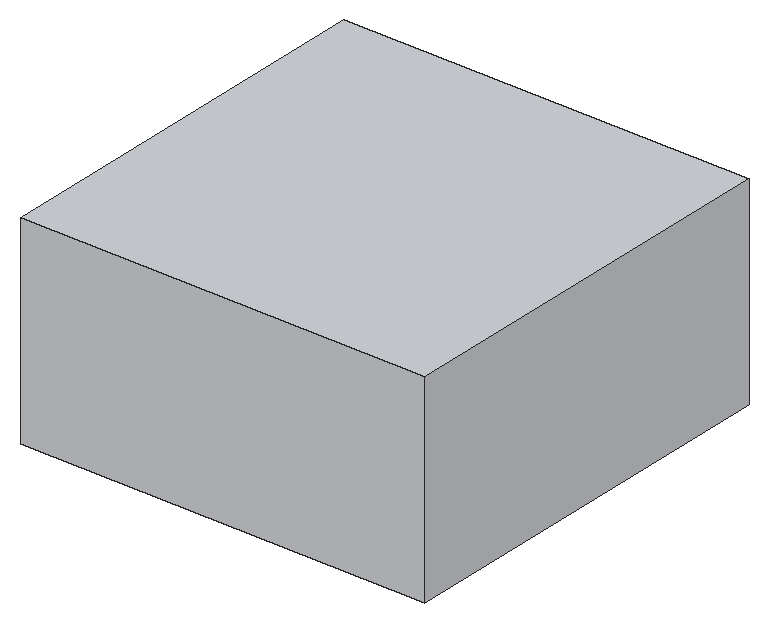
Revit family "WallAnnotationExample1", category Generic Models, host Face, Revit 2013
Parameters
  Wall Side Top [instance] = no
  Wall Side Right [instance] = no
  Wall Side Left [instance] = no
  Wall Side Bottom [instance] = not(or(Wall Side Top, Wall Side Right, Wall Side Left))  # yes
  Default Elevation = 4' - 0"
Reference planes (in)
  plane 1 "Center (Front/Back)": y = 0
  plane 2: z = 0
  plane 3 "Center (Left/Right)": x = 0
Forms (in)
  Extrusion 1, solid
    sketch origin (0, 0, 0) x (1, 0, 0) y (0, 1, 0)
      loop
        line (-2, -2) -> (2, -2) -> (2, 2) -> (-2, 2) -> (-2, -2)
    from 0 to 2
Dimensions and locks (in)
  aligned and locked: plane 2 to host face
  aligned and locked: level to host face
Nested families (in)
  nested 1: "Family2" at (0, 0, 0), Wall Side Top <- "Wall Side Top", Wall Side Right <- "Wall Side Right", Wall Side Left <- "Wall Side Left", Wall Side Bottom <- "Wall Side Bottom", type "Family2"
    with Wall Side Top no, Wall Side Right no, Wall Side Left no, Wall Side Bottom yes
Definition of nested family "Family2"
  Parameters (values of type "Family2")
    Wall Side Top [instance] = no
    Wall Side Right [instance] = no
    Wall Side Left [instance] = no
    Wall Side Bottom [instance] = yes
  Reference planes (in)
    plane 1: y = 0
    plane 2: x = 0
  Lines and regions (in)
    detail lines
      curve 1: circle (0, 0.09238, 0) r 0.09238 normal (0, 0, 1)
  Text (in)
    text "T" at (0.00017, 0.1577, 0), visible <- "Wall Side Bottom"
    text "T" at (-0.06532, 0.09255, 0), visible <- "Wall Side Left"
    text "T" at (-0.00017, 0.01144, 0), visible <- "Wall Side Top"
    text "T" at (0.06532, 0.09222, 0), visible <- "Wall Side Right"
